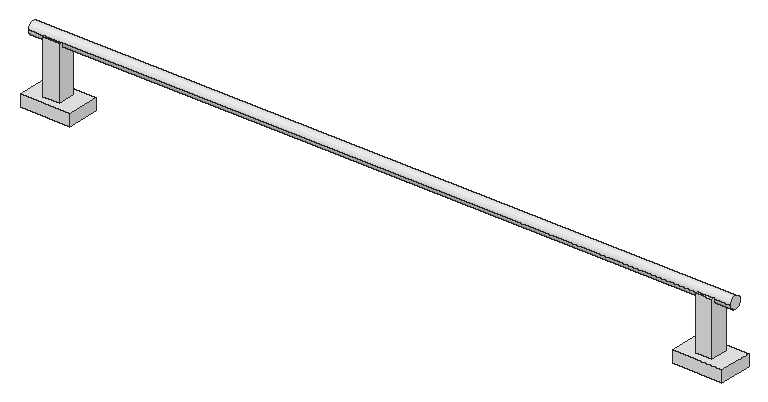
Revit family "Towel_Bar-Grohe-Essentials_Cube-40509001", category Specialty Equipment, host Face, Revit 2018
Family settings
  Host = Face
  Round Connector Dimension = Use Diameter
  Part Type = Normal
  OmniClass Number = 23.40.20.21.27
  OmniClass Title = Towel Bars
  Cut with Voids When Loaded = No
  Shared = Yes
  Room Calculation Point = No
Parameters (values of type "40509001")
  Width = 600 mm  # constant formula
  URL = "https://www.grohe.us"
  Type Comments = ""
  Revised Date = "05/03/2021"  # constant formula
  Product Page URL = "https://www.grohe.us/Towel-Bars/24-Inch-Towel-Bar/GROHE-CHROME-40509001"
  Product Documentation Link = "https://americanstandard.box.com/shared/static/hdw8imehvpfi9y78lkoa4i19z9jvqpq3.pdf"
  Price = "Prices may vary. Please consult Manufacturer Representative for most up-to-date price list."  # constant formula
  Model = "40509001"
  Material = "Metal-Grohe-001-Starlight Chrome"
  Manufacturer = "Grohe"  # constant formula
  Length = 60 mm  # constant formula
  Installation Type = "Wall Mounted"  # constant formula
  Finish = Metal-Grohe-001-Starlight Chrome
  Description = "Essentials Cube Multi-towel rack"  # constant formula
  Default Elevation = 1016 mm  # constant formula
  Creation Date = "08/29/2017"  # constant formula
  Assembly Code = "C1030200"
Reference planes
  plane 1 "Center (Front/Back)": y = 0
  plane 2: z = 0
  plane 3 "Center (Left/Right)": x = 0
  plane 4: x = 279.003
  plane 5: x = -279.003
  plane 6: z = 60
  plane 7: y = 14
  plane 8: y = -14
  plane 9: x = 299.997
  plane 10: x = -300.003
Forms (mm)
  Extrusion 1, solid, material "Metal-Grohe-001-Starlight Chrome" <- "Finish"
    sketch origin (0, 0, 0) x (1, 0, 0) y (0, 1, 0)
      loop
        line (-300.003, 14) -> (-300.003, -14) -> (-258.003, -14) -> (-258.003, 14) -> (-300.003, 14)
      loop
        line (300.003, 14) -> (258.003, 14) -> (258.003, -14) -> (300.003, -14) -> (300.003, 14)
    from 0 to 10
  Extrusion 2, solid, material "Metal-Grohe-001-Starlight Chrome" <- "Finish"
    sketch origin (0, 0, 0) x (1, 0, 0) y (0, 1, 0)
      loop
        line (-286.003, 7) -> (-286.003, -7) -> (-272.003, -7) -> (-272.003, 7) -> (-286.003, 7)
      loop
        line (286.003, 7) -> (272.003, 7) -> (272.003, -7) -> (286.003, -7) -> (286.003, 7)
    from 0 to 55.568
  Extrusion 3, solid, material "Metal-Grohe-001-Starlight Chrome" <- "Finish"
    sketch origin (0, 0, 0) x (0, 1, 0) y (0, 0, 1)
      loop
        circle (0, 55.1) r 5
    from -300.003 to 299.997
Cuts and joins
  joined: Extrusion 1, Extrusion 2, Extrusion 3
Lines and regions (mm)
  Masking region 1
    outline origin (0, 0, 0) x (1, 0, 0) y (0, 0, 1)
      loop
        line (300.003, 0) -> (300.003, 10) -> (286.003, 10) -> (286.003, 50.1) -> (299.997, 50.1) -> (299.997, 60.1) -> (-299.997, 60.1) -> (-299.997, 50.1) -> (-286.003, 50.1) -> (-286.003, 10) -> (-300.003, 10) -> (-300.003, 0) -> (-258.003, 0) -> (-258.003, 10) -> (-272.003, 10) -> (-272.003, 50.1) -> (272.003, 50.1) -> (272.003, 10) -> (258.003, 10) -> (258.003, 0) -> (300.003, 0)
  symbolic lines, detail levels medium+fine
    curve 1: line (286.003, 0, 50.1) -> (286.003, 0, 55.568)
    curve 2: line (286.003, 0, 55.568) -> (272.003, 0, 55.568)
    curve 3: line (272.003, 0, 55.568) -> (272.003, 0, 50.1)
    curve 4: line (-272.003, 0, 50.1) -> (-272.003, 0, 55.568)
    curve 5: line (-272.003, 0, 55.568) -> (-286.003, 0, 55.568)
    curve 6: line (-286.003, 0, 55.568) -> (-286.003, 0, 50.1)
  symbolic lines, detail levels fine
    curve 7: line (-272.003, 0, 10) -> (-286.003, 0, 10)
    curve 8: line (286.003, 0, 10) -> (272.003, 0, 10)
Dimensions and locks
  equal spacing: plane 5, plane 3 "Center (Left/Right)", plane 4
  locked: Extrusion 1 sketch curve to Extrusion 1 sketch curve at 42  (x2)
  locked: Extrusion 1 sketch curve to Extrusion 1 sketch curve at 28
  equal spacing: Extrusion 1 sketch curve, plane 4, Extrusion 1 sketch curve
  equal spacing: Extrusion 1 sketch curve, plane 1 "Center (Front/Back)", Extrusion 1 sketch curve
  equal spacing: Extrusion 1 sketch curve, plane 5, Extrusion 1 sketch curve
  plane 6 to level = 60 mm
  locked: plane 8 to plane 7 at 28
  "Width": plane 10 to plane 9
  "Length": host face to plane 6
  aligned and locked: plane 2 to host face
  aligned and locked: level to host face
  aligned and locked: Extrusion 1 sketch curve to Extrusion 1 sketch curve  (x2)
Automatic sketch dimensions
  host sketch curve to host sketch curve = 2438.4 mm  (x2)
  Extrusion 2 sketch curve to plane 5 = 7 mm
  plane 5 to Extrusion 2 sketch curve = 7 mm
  plane 4 to Extrusion 2 sketch curve = 7 mm
  Extrusion 2 sketch curve to plane 4 = 7 mm
  plane 1 "Center (Front/Back)" to Extrusion 2 sketch curve = 7 mm  (x2)
  Extrusion 2 sketch curve to plane 1 "Center (Front/Back)" = 7 mm  (x2)
  Extrusion 3 sketch curve to plane 1 "Center (Front/Back)" = 0 mm
  level to Extrusion 3 sketch curve = 55.1 mm
  Masking region 1 sketch curve to level = 0 mm  (x2)
  Masking region 1 sketch curve to plane 5 = 21 mm
  Masking region 1 sketch curve to plane 6 = 9.9 mm  (x3)
  Masking region 1 sketch curve to plane 5 = 20.994 mm
  Masking region 1 sketch curve to plane 5 = 7 mm
  plane 5 to Masking region 1 sketch curve = 7 mm
  Masking region 1 sketch curve to Masking region 1 sketch curve = 14 mm  (x2)
  plane 4 to Masking region 1 sketch curve = 21 mm
  plane 4 to Masking region 1 sketch curve = 7 mm
  Masking region 1 sketch curve to plane 4 = 7 mm
  plane 6 to Masking region 1 sketch curve = 0.1 mm
  Masking region 1 sketch curve to Masking region 1 sketch curve = 13.994 mm
  level to Masking region 1 sketch curve = 10 mm  (x4)
  curve 6 to plane 5 = 7 mm
  plane 4 to curve 2 = 7 mm
  curve 1 to plane 4 = 7 mm
  curve 6 to plane 6 = 4.432 mm
  curve 3 to plane 6 = 4.432 mm
  curve 7 to plane 5 = 7 mm
  plane 5 to curve 5 = 7 mm
  plane 5 to curve 7 = 7 mm
  plane 4 to curve 8 = 7 mm
  curve 8 to plane 4 = 7 mm
  curve 1 to curve 1 = 5.467 mm
  curve 4 to curve 4 = 5.467 mm
  curve 3 to curve 2 = 5.467 mm
  curve 6 to curve 5 = 5.467 mm
  level to curve 8 = 10 mm
  level to curve 7 = 10 mm
  radius of Extrusion 3 sketch curve = 5 mm
